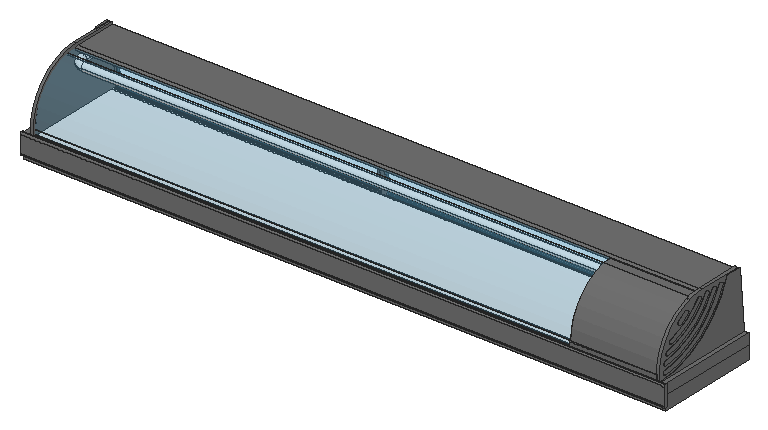
Revit family "QF_HOSHIZAKI_HNC-210BE-R-B", category Specialty Equipment, Revit 2016
Family settings
  Part Type = Normal
  Round Connector Dimension = Use Diameter
  OmniClass Number = 23.40.40.14
  OmniClass Title = Food Service Equipment
  Work Plane-Based = No
  Always vertical = Yes
  Cut with Voids When Loaded = No
  Shared = No
  Room Calculation Point = No
Parameters (values of type "HNC-210BE-R-B_230V/1Ph/50Hz")
  Weight = 47.00 kg
  Volts = 230 V
  URL Cutsheet = ""
  URL = "www.hoshizaki-europe.com"
  Status [instance] = ""
  Specification by User [instance] = ""
  Specification by Manufacturer [instance] = ""
  Serial Number = ""
  Seismic Rating = ""
  SMACNA No = ""
  Revision Code [instance] = ""
  Phase = 1
  Number of Poles = 2
  NAFEM Spec ID Number = ""
  Model = "HNC-210BE-R-B"
  Min Ckt Ampacity = 0 A
  Max Overcurrent Protection = 0 A
  Masterspec = ""
  Manufacturer = "HOSHIZAKI"
  Length Actual = 2100 mm
  Item Number [instance] = ""
  Installed By [instance] = ""
  Identify Quantity as Lot [instance] = no
  Height Actual = 270 mm
  HP power = ""
  Furnished By [instance] = ""
  Foodservice Equipment Identifier [instance] = yes
  FL Amps = 0.68 A
  Electric power = 150 W
  Electric Connection Type [instance] = ""
  Elec Conn RI Height [instance] = 0 mm
  Elec Conn Connection Height [instance] = 18 mm
  Description = "87 LITRE SUSHI CASE, BLACK, RIGHT MOUNTED CONDENSER"
  Depth Actual = 345 mm
  Cycle = 50 Hz
  Cost = 0
  Conn Plug = ""
  Conn Conduit = no
  CSI MasterFormat = ""
  Assembly Code = "E1090320"
  Apparent Power = 150 VA
  Accessory = no
Types (2, lengths in mm): name | Volts | FL Amps
  HNC-210BE-R-B_230V/1Ph/50Hz | 230 V | 0.68 A
  HNC-210BE-R-B_240V/1Ph/50Hz | 240 V | 0.63 A
Reference planes
  plane 1 "Center (Front/Back)": y = 0
  plane 2: z = 0
  plane 3 "Center (Left/Right)": x = 0
Forms (mm)
  Extrusion 1, solid, not visible
    sketch origin (2069, 3, 17) x (1, 0, 0) y (0, 1, 0)
      loop
        line (0, 0) -> (2, 0) -> (2, 2) -> (0, 2) -> (0, 0)
    from 0 to 2
  Extrusion 2, solid, not visible
    sketch origin (2069, 3, 17) x (1, 0, 0) y (0, 1, 0)
      loop
        line (0, 0) -> (2, 0) -> (2, 2) -> (0, 2) -> (0, 0)
    from 0 to 2
Dimensions and locks
  aligned and locked: level to plane 2
Nested families
  nested 1: "QF_HOSHIZAKI_HNC-210BE-R-B_230V_1Ph_50Hz" at (0, 0, 0), type "HNC-210BE-R-B_230V/1Ph/50Hz"
    with Status "", Specification by User "", Show Clearance yes, Revision Code "", Number of Poles 1, Item Number "", Installed By "", Identify Quantity as Lot no, Furnished By "", Foodservice Equipment Identifier yes, Electrical Remarks "", Electric Connection Type "", Elec Conn RI Height 0 mm, Elec Conn Connection Height 19 mm, Conn Conduit yes
Connectors
  electrical at (2070, 5, 18), driven by "Apparent Power", driven by "Number of Poles", driven by "Volts"
    settings: on Extrusion 1, index 1, voltage 230 V, apparent load 0 VA, apparent load phase1 150 VA, apparent load phase2 0 VA, apparent load phase3 0 VA, power factor 1, load classification "Other", number of poles 2, system type 31, power factor state 1, is connector primary yes, connector utility no, sub classification motor no, connector description "Electric connection for 'HNC-210BE-R-B'"
  electrical at (2070, 5, 18), driven by "Apparent Power", driven by "Number of Poles", driven by "Volts"
    settings: on Extrusion 2, index 2, voltage 230 V, apparent load 0 VA, apparent load phase1 150 VA, apparent load phase2 0 VA, apparent load phase3 0 VA, power factor 1, load classification "Other", number of poles 2, system type 31, power factor state 1, is connector primary no, connector utility no, sub classification motor no, connector description "Electric connection for 'HNC-210BE-R-B'"
Definition of nested family "QF_HOSHIZAKI_HNC-210BE-R-B_230V_1Ph_50Hz"
  Parameters (values of type "HNC-210BE-R-B_230V/1Ph/50Hz")
    Weight in Pounds = 103.6171
    Electric power = 150 W
    Volts = 230 V
    URL Cutsheet = "www.hoshizaki-europe.com"
    URL = "www.hoshizaki-europe.com"
    Status [instance] = ""
    Specification by User [instance] = ""
    Specification by Manufacturer = ""
    Show Clearance [instance] = yes
    Serial Number = ""
    Seismic Rating = ""
    SMACNA No = ""
    Revision Code [instance] = ""
    Phase = 1
    Number of Poles [instance] = 1
    NAFEM Spec ID Number = ""
    Model = "HNC-210BE-R-B"
    Min Ckt Ampacity = 0 A
    Max Overcurrent Protection = 0 A
    Masterspec = ""
    Manufacturer = "HOSHIZAKI"
    Item Number [instance] = ""
    Installed By [instance] = ""
    Identify Quantity as Lot [instance] = no
    HP power = "0.201153000000"
    Furnished By [instance] = ""
    Foodservice Equipment Identifier [instance] = yes
    FL Amps = 20 A
    Electrical Remarks [instance] = ""
    Electric Connection Type [instance] = ""
    Elec Conn RI Height [instance] = 0 mm
    Elec Conn Connection Height [instance] = 19 mm
    Description = "87 LITRE SUSHI CASE, BLACK, RIGHT MOUNTED CONDENSER"
    Cycle = 50 Hz
    Conn Plug = ""
    Conn Conduit [instance] = yes
    CSI MasterFormat = ""
    Assembly Code = "E1090320"
    Apparent Power = 150 VA
  Types (2, lengths in mm): name | Phase | Identify Quantity as Lot | Elec Conn Connection Height
    (no name) | 0 | yes | 0
    HNC-210BE-R-B_230V/1Ph/50Hz | 1 | no | 19
  Values of the unnamed type that differ from the named types
    Weight in Pounds = 0
    Electric power = 0 W
    Volts = 0 V
    URL Cutsheet = ""
    URL = ""
    Model = ""
    Manufacturer = ""
    HP power = ""
    FL Amps = 0 A
    Description = ""
    Cycle = 0 Hz
    Apparent Power = 0 VA
  Reference planes
    plane 1 "Back": y = 0
    plane 2: z = 0
    plane 3 "Left": x = 0
    plane 4 "Right": x = 2100
    plane 5 "Front": y = -345
    plane 6 "Top": z = 270
  Forms (mm)
    Extrusion 1, solid
      sketch origin (2100, 0, 0) x (0, 1, 0) y (0, 0, -1)
        loop
          line (-335, -11.612) -> (-340, -11.612)
          arc (-340, -11.612) -> (-343.536, -13.076) -> (-345, -16.612) r 5
          line (-345, -16.612) -> (-345, -73.923)
          arc (-345, -73.923) -> (-343.536, -77.458) -> (-340, -78.923) r 5
          line (-340, -78.923) -> (-335, -78.923) -> (-335, -11.612)
      from 0 to 2100
    Extrusion 2, solid
      sketch origin (2096, 0, 0) x (0, 1, 0) y (0, 0, -1)
        loop
          line (0, 0) -> (-335, 0) -> (-335, -45.267) -> (0, -45.267) -> (0, 0)
      from 2092 to 0
    Extrusion 3, solid
      sketch origin (20, 0, 0) x (0, 1, 0) y (0, 0, 1)
        loop
          line (-335, 77.311) -> (-335, 45.267) -> (0, 45.267) -> (0, 81.612) -> (-16.482, 270) -> (-62.821, 270)
          arc (-62.821, 270) -> (-168.876, 131.23) -> (-335, 77.311) r 293.422
        loop
          arc (-83.709, 252.219) -> (-87.673, 258.508) -> (-95.039, 257.5) r 6.865
          arc (-95.039, 257.5) -> (-185.592, 150.044) -> (-318.029, 103.066) r 268.422
          arc (-318.029, 103.066) -> (-323.161, 96.407) -> (-317.08, 90.602) r 6.285
          arc (-317.08, 90.602) -> (-178.479, 139.765) -> (-83.709, 252.219) r 280.922
        loop
          arc (-111.859, 251.686) -> (-115.571, 258.059) -> (-122.925, 257.5) r 6.947
          arc (-122.925, 257.5) -> (-202.759, 168.597) -> (-315.28, 128.393) r 243.422
          arc (-315.28, 128.393) -> (-320.31, 121.62) -> (-314.06, 115.953) r 6.28
          arc (-314.06, 115.953) -> (-195.78, 158.227) -> (-111.859, 251.686) r 255.922
        loop
          arc (-140.937, 251.021) -> (-143.81, 258.338) -> (-151.626, 257.5) r 6.48
          arc (-151.626, 257.5) -> (-218.228, 188.332) -> (-308.057, 154.411) r 218.422
          arc (-308.057, 154.411) -> (-312.519, 147.451) -> (-306.269, 142.04) r 6.315
          arc (-306.269, 142.04) -> (-211.328, 177.909) -> (-140.937, 251.021) r 230.922
        loop
          arc (-173, 248.071) -> (-175.054, 255.795) -> (-183.042, 255.516) r 6.411
          arc (-183.042, 255.516) -> (-231.849, 209.297) -> (-293.527, 182.572) r 193.422
          arc (-293.527, 182.572) -> (-298.352, 176.046) -> (-293.13, 169.833) r 6.554
          arc (-293.13, 169.833) -> (-226.037, 198.16) -> (-173, 248.071) r 205.922
        loop
          arc (-225.482, 229.368) -> (-225.701, 237.193) -> (-233.285, 239.134) r 6.501
          arc (-233.285, 239.134) -> (-246.737, 229.431) -> (-261.08, 221.097) r 168.422
          arc (-261.08, 221.097) -> (-262.519, 213.318) -> (-255.34, 209.993) r 6.452
          arc (-255.34, 209.993) -> (-239.933, 218.945) -> (-225.482, 229.368) r 180.922
      from 0 to 5
    Extrusion 4, solid
      sketch origin (25, 0, 0) x (0, 1, 0) y (0, 0, 1)
        loop
          line (-335, 45.267) -> (0, 45.267) -> (0, 81.612) -> (-16.482, 270) -> (-157.482, 270)
          arc (-157.482, 270) -> (-288.48, 212.569) -> (-335, 77.311) r 178.115
          line (-335, 77.311) -> (-335, 45.267)
      from 0 to 10
    Extrusion 5, solid
      sketch origin (2080, 0, 0) x (0, 1, 0) y (0, 0, -1)
        loop
          arc (-335, -77.311) -> (-168.876, -131.23) -> (-62.821, -270) r 293.422
          line (-62.821, -270) -> (-16.482, -270) -> (0, -81.612) -> (0, -45.267) -> (-335, -45.267) -> (-335, -77.311)
        loop
          arc (-83.709, -252.219) -> (-178.479, -139.765) -> (-317.08, -90.602) r 280.922
          arc (-317.08, -90.602) -> (-323.161, -96.407) -> (-318.029, -103.066) r 6.285
          arc (-318.029, -103.066) -> (-185.592, -150.044) -> (-95.039, -257.5) r 268.422
          arc (-95.039, -257.5) -> (-87.673, -258.508) -> (-83.709, -252.219) r 6.865
        loop
          arc (-111.859, -251.686) -> (-195.78, -158.227) -> (-314.06, -115.953) r 255.922
          arc (-314.06, -115.953) -> (-320.31, -121.62) -> (-315.28, -128.393) r 6.28
          arc (-315.28, -128.393) -> (-202.759, -168.597) -> (-122.925, -257.5) r 243.422
          arc (-122.925, -257.5) -> (-115.571, -258.059) -> (-111.859, -251.686) r 6.947
        loop
          arc (-140.937, -251.021) -> (-211.328, -177.909) -> (-306.269, -142.04) r 230.922
          arc (-306.269, -142.04) -> (-312.519, -147.451) -> (-308.057, -154.411) r 6.315
          arc (-308.057, -154.411) -> (-218.228, -188.332) -> (-151.626, -257.5) r 218.422
          arc (-151.626, -257.5) -> (-143.81, -258.338) -> (-140.937, -251.021) r 6.48
        loop
          arc (-173, -248.071) -> (-226.037, -198.16) -> (-293.13, -169.833) r 205.922
          arc (-293.13, -169.833) -> (-298.352, -176.046) -> (-293.527, -182.572) r 6.554
          arc (-293.527, -182.572) -> (-231.849, -209.297) -> (-183.042, -255.516) r 193.422
          arc (-183.042, -255.516) -> (-175.054, -255.795) -> (-173, -248.071) r 6.411
        loop
          arc (-225.482, -229.368) -> (-239.933, -218.945) -> (-255.34, -209.993) r 180.922
          arc (-255.34, -209.993) -> (-262.519, -213.318) -> (-261.08, -221.097) r 6.452
          arc (-261.08, -221.097) -> (-246.737, -229.431) -> (-233.285, -239.134) r 168.422
          arc (-233.285, -239.134) -> (-225.701, -237.193) -> (-225.482, -229.368) r 6.501
      from 0 to 5
    Extrusion 6, solid
      sketch origin (2075, 0, 0) x (0, 1, 0) y (0, 0, -1)
        loop
          line (-335, -45.267) -> (-335, -77.311)
          arc (-335, -77.311) -> (-288.48, -212.569) -> (-157.482, -270) r 178.115
          line (-157.482, -270) -> (-16.482, -270) -> (0, -81.612) -> (0, -45.267) -> (-335, -45.267)
      from 0 to 10
    Extrusion 7, solid
      sketch origin (2100, 0, 0) x (0, 1, 0) y (0, 0, -1)
        loop
          line (-335.005, -77.311) -> (-335.597, -91.885) -> (-330.597, -91.885)
          arc (-330.597, -91.885) -> (-293.716, -198.698) -> (-198.787, -260) r 173.115
          line (-198.787, -260) -> (-15.607, -260) -> (0, -81.612) -> (0, -45.267) -> (-9.983, -45.267) -> (-9.983, -77.311) -> (-335.005, -77.311)
      from 35 to 317
    Extrusion 8, solid
      sketch origin (2100, 0, 0) x (0, 1, 0) y (0, 0, -1)
        loop
          line (-9.983, -45.267) -> (-335, -45.267) -> (-335, -67.293)
          arc (-335, -67.293) -> (-332.066, -74.377) -> (-324.983, -77.311) r 10.017
          line (-324.983, -77.311) -> (-20.035, -77.311)
          arc (-20.035, -77.311) -> (-12.951, -74.377) -> (-9.983, -67.293) r 10.017
          line (-9.983, -67.293) -> (-9.983, -45.267)
      from 35 to 2065
    Extrusion 9, solid
      sketch origin (2100, 0, 0) x (0, 1, 0) y (0, 0, -1)
        loop
          line (-16.044, -265) -> (-15.169, -255) -> (-166.142, -255) -> (-166.142, -260)
          arc (-166.142, -260) -> (-162.482, -263.66) -> (-157.482, -265) r 10
          line (-157.482, -265) -> (-16.044, -265)
      from 35 to 2065
    Extrusion 10, solid
      sketch origin (2100, 0, 0) x (0, 1, 0) y (0, 0, -1)
        loop
          line (-166.142, -260) -> (-166.142, -255) -> (-198.178, -255)
          arc (-198.178, -255) -> (-289.967, -195.377) -> (-325.597, -91.885) r 168.115
          line (-325.597, -91.885) -> (-325.597, -77.395) -> (-330.597, -77.395) -> (-330.597, -91.885)
          arc (-330.597, -91.885) -> (-293.716, -198.698) -> (-198.787, -260) r 173.115
          line (-198.787, -260) -> (-166.142, -260)
      from 317 to 2065
    Sweep 11, solid
      path origin (1201.432, 0, 230) x (-1, 0, 0) y (0, -1, 0)
        loop
          line (1072.551, 50.66) -> (1112.551, 50.66)
          arc (1112.551, 50.66) -> (1140.051, 62.051) -> (1151.442, 89.551) r 38.891
          line (1151.442, 89.551) -> (1151.442, 153.787)
          arc (1151.442, 153.787) -> (1142.122, 176.287) -> (1119.622, 185.607) r 31.82
          line (1119.622, 185.607) -> (-580.378, 185.607)
      profile origin (108.88, -50.66, 230) x (0, -1, 0) y (0, 0, 1)
        loop
          circle (0, 0) r 12.5
    Extrusion 12, solid
      sketch origin (2100, 0, 0) x (0, 1, 0) y (0, 0, -1)
        loop
          line (0, -45.267) -> (-10, -45.267) -> (-10, -77.311) -> (-5, -77.311) -> (-5, -81.612) -> (-6.743, -101.536) -> (-1.743, -101.536) -> (0, -81.612) -> (0, -45.267)
      from 317 to 2065
    Extrusion 13, solid
      sketch origin (1200, 0, 0) x (0, 1, 0) y (0, 0, -1)
        loop
          line (-6.743, -101.536) -> (-20.169, -255) -> (-15.169, -255) -> (-1.743, -101.536) -> (-6.743, -101.536)
      from 1150 to 1165
    Extrusion 14, solid
      sketch origin (1783, -10, 0) x (0, 1, 0) y (0, 0, -1)
        loop
          line (-5, -77.311) -> (-9.917, -77.311) -> (-9.917, -80.666) -> (-25.169, -255) -> (-20.169, -255) -> (-5, -81.612) -> (-5, -77.311)
      from 0 to 850
    Extrusion 15, solid
      sketch origin (2100, 0, 0) x (-1, 0, 0) y (0, 0, -1)
        loop
          line (20, -45.267) -> (4, -45.267) -> (4, -78.923) -> (20, -78.923) -> (20, -45.267)
      from 0 to 335
    Extrusion 16, solid
      sketch origin (20, 0, 0) x (-1, 0, 0) y (0, 0, -1)
        loop
          line (16, -45.267) -> (0, -45.267) -> (0, -78.923) -> (16, -78.923) -> (16, -45.267)
      from 0 to 335
    Extrusion 17, solid
      sketch origin (2070, 5, 19) x (-1, 0, 0) y (0, 0, -1)
        loop
          circle (0, 0) r 5
      from 0 to 5
    Extrusion 18, solid
      sketch origin (600, 0, 0) x (0, 1, 0) y (0, 0, -1)
        loop
          line (-5, -77.311) -> (-9.917, -77.311) -> (-9.917, -80.666) -> (-25.169, -255) -> (-20.169, -255) -> (-5, -81.612) -> (-5, -77.311)
      from -300 to 550
    Extrusion 19, solid
      sketch origin (900, 0, 0) x (0, 1, 0) y (0, 0, 1)
        loop
          line (-6.743, 101.536) -> (-2.401, 109.056) -> (-14.603, 248.524) -> (-20.169, 255) -> (-25.169, 255) -> (-9.917, 80.666) -> (-4.917, 80.666) -> (-6.743, 101.536)
      from 16 to 0
    Extrusion 20, solid
      sketch origin (917, -10, 0) x (0, 1, 0) y (0, 0, 1)
        loop
          line (-6.743, 101.536) -> (-2.401, 109.056) -> (-14.603, 248.524) -> (-20.169, 255) -> (-25.169, 255) -> (-9.917, 80.666) -> (-4.917, 80.666) -> (-6.743, 101.536)
      from 16 to 0
  Lines and regions (mm)
    symbolic lines
      curve 1: line (2100, -335, 0) -> (2100, -345, 0)
      curve 2: line (2100, -345, 0) -> (0, -345, 0)
      curve 3: line (0, -345, 0) -> (0, -335, 0)
      curve 4: line (0, -335, 0) -> (4, -335, 0)
      curve 5: line (4, -335, 0) -> (4, 0, 0)
      curve 6: line (4, 0, 0) -> (2096, 0, 0)
      curve 7: line (2065, 0, 0) -> (2065, 5, 0)
      curve 8: line (2065, 5, 0) -> (2075, 5, 0)
      curve 9: line (2075, 5, 0) -> (2075, 0, 0)
      curve 10: line (2096, 0, 0) -> (2096, -335, 0)
      curve 11: line (2096, -335, 0) -> (2100, -335, 0)
      curve 12: line (2100, -335, 0) -> (0, -335, 0)
      curve 13: line (35, -335, 0) -> (35, 0, 0)
      curve 14: line (2065, -335, 0) -> (2065, 0, 0)
      curve 15: line (1783, 0, 0) -> (1783, -335, 0)
      curve 16: line (35, -166.142, 0) -> (1783, -166.142, 0)
      curve 17: arc (80, -198.787, 0) -> (53.973, -189.037, 0) -> (38.216, -166.142, 0) r 46.31
      curve 18: arc (65, -166.142, 0) -> (72.577, -171.229, 0) -> (81.345, -173.764, 0) r 29.577
      curve 19: line (81.345, -173.764, 0) -> (1783, -173.764, 0)
      curve 20: line (1783, -198.787, 0) -> (80, -198.787, 0)
  Dimensions and locks
    aligned and locked: level to plane 2
  Connectors
    electrical at (2070, 5, 19), driven by "Apparent Power", driven by "Volts", driven by "Number of Poles"
      settings: on Extrusion 17, index 2, voltage 230 V, apparent load 0 VA, apparent load phase1 150 VA, apparent load phase2 0 VA, apparent load phase3 0 VA, power factor 1, load classification none, number of poles 1, system type 31, power factor state 1, is connector primary yes, connector utility no, sub classification motor no, connector description "Electrical connection"
